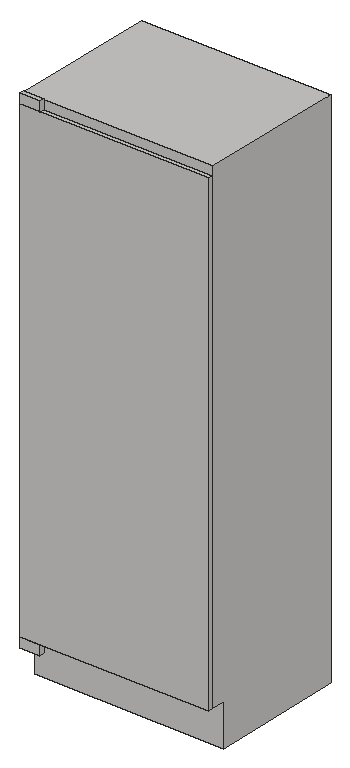
Revit family "RF 471704", category Generic Models, Revit 2014
Parameters (values of type "RF471704")
  Width = 756 mm
  URL = "http://www.gaggenau.com."
  Model = "RF471704"
  Manufacturer = "Gaggenau"
  Height = 2125 mm
  Handle = Metal Panel
  Fridge = Metal Panel
  Door = Metal Panel
  Description = "Gaggenau 30\" Freezer column with integrated ice maker"
  Depth = 608 mm
Reference planes
  plane 1 "Center (Front/Back)": y = 0
  plane 2: z = 0
  plane 3 "Center (Left/Right)": x = 0
  plane 4: z = 2125
  plane 5: x = -378
  plane 6: x = 378
  plane 7: y = 266.012
  plane 8: y = -341.988
  plane 9: z = 181
  plane 10: z = 102
  plane 11: z = 14.093
  plane 12: z = 2131
  plane 13: z = 2091
  plane 14: y = -268.988
  plane 15: y = -321.988
  plane 16: x = 317.794
Forms (mm)
  Extrusion 1, solid, material "Metal Panel" <- "Fridge"
    sketch origin (0, 0, 0) x (0, 1, 0) y (0, 0, 1)
      loop
        line (266.012, 2125) -> (-321.988, 2125) -> (-321.988, 181) -> (-268.988, 181) -> (-268.988, 14.093) -> (266.012, 14.093) -> (266.012, 2125)
    from -378 to 378
  Extrusion 2, solid, material "Metal Panel" <- "Door"
    sketch origin (0, 0, 0) x (1, 0, 0) y (0, 0, 1)
      loop
        line (-378, 181) -> (378, 181) -> (378, 2091) -> (-378, 2091) -> (-378, 181)
    from 321.988 to 341.988
  Extrusion 3, solid, material "Metal Panel" <- "Door"
    sketch origin (-676, 0, -0.35) x (1, 0, 0) y (0, 0, 1)
      loop
        line (378, 2131.35) -> (298, 2131.35) -> (298, 2091.35) -> (378, 2091.35) -> (378, 2131.35)
      loop
        line (378, 181.35) -> (298, 181.35) -> (298, 141.35) -> (378, 141.35) -> (378, 181.35)
    from 321.988 to 341.988
  Extrusion 4, solid, material "Metal Panel" <- "Fridge"
    sketch origin (0, 0, 0) x (1, 0, 0) y (0, 1, 0)
      loop
        circle (-346.403, -159.898) r 11.868
      loop
        circle (-346.403, 159.898) r 11.868
      loop
        circle (346.403, -159.898) r 11.868
      loop
        circle (346.403, 159.898) r 11.868
    from 0 to 14.093
Dimensions and locks
  "Width": plane 5 to plane 6
  plane 7 to plane 8 = 608 mm  (x2)
  plane 4 to plane 2 = 2125 mm
  plane 9 to plane 2 = 181 mm
  plane 10 to plane 2 = 102 mm
  plane 12 to plane 13 = 40 mm
  plane 14 to plane 8 = 73 mm
  plane 6 to plane 16 = 60.206 mm
  equal spacing: plane 5, plane 3 "Center (Left/Right)", plane 6
  plane 12 to plane 10 = 2029 mm
  aligned and locked: level to plane 2
  aligned and locked: plane 5 to Extrusion 1
  aligned and locked: plane 6 to Extrusion 1
  aligned and locked: Extrusion 2 to plane 8
  aligned and locked: Extrusion 2 to Extrusion 1
  aligned and locked: Extrusion 3 to plane 8
  aligned and locked: Extrusion 3 to Extrusion 1
  aligned and locked: plane 13 to Extrusion 2 sketch curve
  aligned and locked: plane 6 to Extrusion 2 sketch curve
  aligned and locked: plane 5 to Extrusion 2 sketch curve
Automatic sketch dimensions
  Extrusion 1 sketch curve to plane 4 = 0 mm
  Extrusion 1 sketch curve to plane 15 = 0 mm
  Extrusion 1 sketch curve to plane 9 = 0 mm
  Extrusion 1 sketch curve to plane 14 = 0 mm
  Extrusion 1 sketch curve to plane 7 = 0 mm
  Extrusion 1 sketch curve to plane 11 = 0 mm
  Extrusion 4 sketch curve to plane 5 = 31.597 mm  (x2)
  plane 16 to Extrusion 4 sketch curve = 28.608 mm  (x2)
  Extrusion 4 sketch curve to plane 14 = 109.089 mm  (x2)
  Extrusion 4 sketch curve to plane 7 = 106.114 mm  (x2)
  plane 10 to Extrusion 2 sketch curve = 79 mm
  Extrusion 3 sketch curve to plane 16 = 695.794 mm  (x2)
  Extrusion 3 sketch curve to plane 12 = 0 mm
  Extrusion 3 sketch curve to plane 6 = 676 mm  (x2)
  Extrusion 3 sketch curve to plane 9 = 0 mm
  Extrusion 3 sketch curve to plane 13 = 0 mm
  Extrusion 3 sketch curve to plane 9 = 40 mm
  radius of Extrusion 4 sketch curve = 11.868 mm  (x4)
